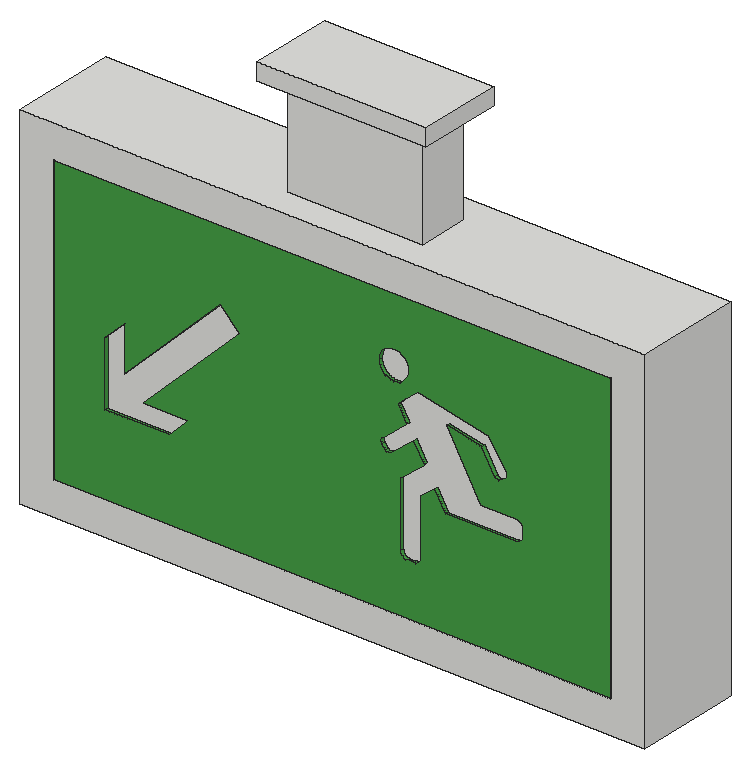
Revit family "T93063A Kubus65 LED 32m 2-s syrefast stål Alog_Tak", category Lighting Fixtures, Revit 2016
Family settings
  Part Type = Normal
  Round Connector Dimension = Use Diameter
  OmniClass Number = 23.80.70.11.21
  OmniClass Title = Emergency Lighting
  Work Plane-Based = No
  Always vertical = Yes
  Cut with Voids When Loaded = No
  Light Source = Yes
  Shared = No
  Room Calculation Point = No
Parameters (values of type "MarkeringsLys (45 Ned mot venstre)")
  Width 1 = 30 mm  # constant formula
  Width = 63.5 mm  # constant formula
  Wattage Comments = "17 W"
  Wattage = 9.2903 W
  built-in parameter 1150110 = 1 (stored number, unit not read)
  Voltage = 230 V
  URL = ""
  Type Comments = "-UN"
  built-in parameter 1114217 = 1 (stored number, unit not read)
  Tilt Angle = 90.00°
  built-in parameter 1150109 = 1 (stored number, unit not read)
  built-in parameter 1150134 = 3
  Symbol Positive Direction [instance] = yes
  Symbol Offset Side [instance] = 0 mm
  Symbol Offset Out [instance] = 0 mm
  built-in parameter 1150113 = 1 (stored number, unit not read)
  Reference Line Out [instance] = 50 mm
  Photometric Web File = "20x42A12.ies"
  Number of Poles = 1
  NS8360 = "4431_WT2"
  Markeringslys normal = no
  Markeringslys ikke normal = yes
  MarkeringsLys Venstre = no
  MarkeringsLys Opp = no
  MarkeringsLys Ned = no
  MarkeringsLys Høyre = no
  MarkeringsLys 45 Opp mot venstre = no
  MarkeringsLys 45 Opp mot høyre = no
  MarkeringsLys 45 Ned mot venstre = yes
  MarkeringsLys 45 Ned mot høyre = no
  MarkeringsLys = yes
  built-in parameter 1150105 = 109.82 (stored number, unit not read)
  Lumens = 1380 lm
  built-in parameter 1150115 = 1 (stored number, unit not read)
  Load Classification [instance] = Other
  Model = ""
  Manufacturer = "Honeywell"
  built-in parameter 1150137 = (empty or 0)
  built-in parameter 1150139 = (empty or 0)
  Length 3 = 80 mm  # constant formula
  Length 1 = Length - 40 mm  # 330 mm
  Length = 370 mm  # constant formula
  LedeLys = no
  built-in parameter 1150112 = 1 (stored number, unit not read)
  built-in parameter 1150114 = 1 (stored number, unit not read)
  Lamp = "1"
  Keynote = "WT2"
  built-in parameter 1150132 = (empty or 0)
  built-in parameter 1150102 = (empty or 0)
  built-in parameter 1150107 = 3200 (stored number, unit not read)
  built-in parameter 1150138 = (empty or 0)
  built-in parameter 1150106 = 1.0982 (stored number, unit not read)
  Height 2 = 70 mm  # constant formula
  Height 1 = Height - 39 mm  # 170 mm
  Height = 209 mm  # constant formula
  Emit from Rectangle Width = Height  # 209 mm
  Emit from Rectangle Length = Length  # 370 mm
  Emit Shape Visible in Rendering = no
  built-in parameter 1150104 = 13.8 (stored number, unit not read)
  Dimming Lamp Color Temperature Shift = <None>
  Description = ""
  Color Filter = 16777215
  Body Material and Colour = Steel
  built-in parameter 1114218 = 1 (stored number, unit not read)
  built-in parameter 1150133 = 10 (stored number, unit not read)
  Assembly Code = "4431"
  Apparent Load = 17 VA
Types (9, lengths in mm): name | NS8360 | Markeringslys normal | Markeringslys ikke normal | MarkeringsLys Venstre | MarkeringsLys Opp | MarkeringsLys Ned | MarkeringsLys Høyre | MarkeringsLys 45 Opp mot venstre | MarkeringsLys 45 Opp mot høyre | MarkeringsLys 45 Ned mot venstre | MarkeringsLys 45 Ned mot høyre | MarkeringsLys | LedeLys | Assembly Code
  LedeLys | "4432_WT2" | yes | no | no | no | no | no | no | no | no | no | no | yes | "4432"
  MarkeringsLys (Ned) | "4431_WT2" | yes | no | no | no | yes | no | no | no | no | no | yes | no | "4431"
  MarkeringsLys (Opp) | "4431_WT2" | yes | no | no | yes | no | no | no | no | no | no | yes | no | "4431"
  MarkeringsLys (45 Ned mot høyre) | "4431_WT2" | yes | no | no | no | no | no | no | no | no | yes | yes | no | "4431"
  MarkeringsLys (45 Ned mot venstre) | "4431_WT2" | no | yes | no | no | no | no | no | no | yes | no | yes | no | "4431"
  MarkeringsLys (45 Opp mot høyre) | "4431_WT2" | yes | no | no | no | no | no | no | yes | no | no | yes | no | "4431"
  MarkeringsLys (45 Opp mot venstre) | "4431_WT2" | no | yes | no | no | no | no | yes | no | no | no | yes | no | "4431"
  MarkeringsLys (Høyre) | "4431_WT2" | yes | no | no | no | no | yes | no | no | no | no | yes | no | "4431"
  MarkeringsLys (Venstre) | "4431_WT2" | no | yes | yes | no | no | no | no | no | no | no | yes | no | "4431"
Reference planes
  plane 1 "Light Source Axis (F/B)": y = 119.961
  plane 2 "Top": z = 83
  plane 3 "Light Source Axis (L/R)": x = 0
  plane 4 "Level": z = 0
  plane 5: x = -185
  plane 6: x = 185
  plane 7: x = -165
  plane 8: x = 165
  plane 9: z = -174.5
  plane 10: z = -70
  plane 11: z = -279
  plane 12: z = -89.5
  plane 13: z = -259.5
  plane 14: y = 151.711
  plane 15: y = 88.211
  plane 16: x = -40
  plane 17: x = 40
  plane 18: y = 134.961
  plane 19: y = 104.961
  plane 20: y = 90.211
  plane 21: y = 149.711
Forms (mm)
  Extrusion 1, solid, material "Steel" <- "Body Material and Colour"
    sketch origin (0, 119.961, -31.25) x (1, 0, 0) y (0, 0, 1)
      loop
        line (-185, -38.75) -> (-185, -247.75) -> (185, -247.75) -> (185, -38.75) -> (-185, -38.75)
      loop
        line (-165, -58.25) -> (-165, -228.25) -> (165, -228.25) -> (165, -58.25) -> (-165, -58.25)
    from -31.75 to 31.75
  Extrusion 2, solid, material "Steel" <- "Body Material and Colour"
    sketch origin (0, 0, 0) x (1, 0, 0) y (0, 1, 0)
      loop
        line (-40, 134.961) -> (-40, 104.961) -> (40, 104.961) -> (40, 134.961) -> (-40, 134.961)
    from 0 to -70
  Extrusion 3, solid, material "Steel" <- "Body Material and Colour"
    sketch origin (0, 0, 0) x (0, 1, 0) y (0, 0, 1)
      loop
        line (149.711, -70) -> (90.211, -70) -> (90.211, -279) -> (149.711, -279) -> (149.711, -70)
    from -185 to 185
  Extrusion 4, solid, material "Steel" <- "Body Material and Colour"
    sketch origin (0, 0, 0) x (1, 0, 0) y (0, 1, 0)
      loop
        line (-50, 144.961) -> (-50, 94.961) -> (50, 94.961) -> (50, 144.961) -> (-50, 144.961)
    from 0 to -10
Cuts and joins
  joined: Extrusion 1, Extrusion 2, Extrusion 3, Extrusion 4
Lines and regions (mm)
  model lines, style "InvisibleLines"
    curve 1: line (0, 119.961, 0) -> (0, 169.961, 0)
  symbolic lines, style "InvisibleLines"
    curve 2: line (0, 119.961, 0) -> (0, 119.961, 50)
Dimensions and locks
  equal spacing: plane 5, plane 3 "Light Source Axis (L/R)", plane 6
  "Length": plane 5 to plane 6
  equal spacing: plane 7, plane 3 "Light Source Axis (L/R)", plane 8
  "Length 1": plane 7 to plane 8
  "Reference Line Out": plane 1 "Light Source Axis (F/B)" to curve 1
  "Height 2": plane 4 "Level" to plane 10
  "Emit from Rectangle Width": plane 10 to plane 11
  equal spacing: plane 10, plane 9, plane 11
  equal spacing: plane 12, plane 9, plane 13
  "Height 1": plane 12 to plane 13
  equal spacing: plane 14, plane 1 "Light Source Axis (F/B)", plane 15
  "Width": plane 14 to plane 15
  equal spacing: plane 16, plane 3 "Light Source Axis (L/R)", plane 17
  "Length 3": plane 16 to plane 17
  equal spacing: plane 18, plane 1 "Light Source Axis (F/B)", plane 19
  "Width 1": plane 18 to plane 19
  locked: Extrusion 4 sketch curve to plane 16 at 10
  locked: plane 17 to Extrusion 4 sketch curve at 10
  locked: plane 19 to Extrusion 4 sketch curve at 10
  locked: plane 18 to Extrusion 4 sketch curve at 10
  aligned and locked: plane 4 "Level" to level
  aligned and locked: plane 3 "Light Source Axis (L/R)" to nested 2
  aligned and locked: plane 1 "Light Source Axis (F/B)" to nested 2
  aligned and locked: Extrusion 1 sketch curve to plane 6
  aligned and locked: plane 5 to Extrusion 1 sketch curve
  aligned and locked: Extrusion 1 sketch curve to plane 7
  aligned and locked: Extrusion 1 sketch curve to plane 8
  aligned and locked: plane 9 to imposter light
  aligned and locked: imposter light to plane 3 "Light Source Axis (L/R)"
  aligned and locked: plane 1 "Light Source Axis (F/B)" to curve 1
  aligned and locked: plane 3 "Light Source Axis (L/R)" to curve 1
  aligned and locked: Extrusion 2 to plane 10
  aligned and locked: Extrusion 1 to plane 11
  aligned and locked: plane 10 to Extrusion 1
  aligned and locked: nested 1 to plane 3 "Light Source Axis (L/R)"
  aligned and locked: Extrusion 1 to Extrusion 3 sketch curve
  aligned and locked: plane 3 "Light Source Axis (L/R)" to nested 4
  aligned and locked: nested 6 to plane 3 "Light Source Axis (L/R)"
  aligned and locked: nested 6 to plane 9
  aligned and locked: plane 3 "Light Source Axis (L/R)" to nested 5
  aligned and locked: plane 9 to nested 5
  aligned and locked: nested 8 to plane 3 "Light Source Axis (L/R)"
  aligned and locked: nested 8 to plane 9
  aligned and locked: plane 9 to nested 7
  aligned and locked: plane 3 "Light Source Axis (L/R)" to nested 7
  aligned and locked: nested 9 to plane 9
  aligned and locked: nested 9 to plane 3 "Light Source Axis (L/R)"
  aligned and locked: plane 9 to nested 4
  aligned and locked: plane 3 "Light Source Axis (L/R)" to nested 3
  aligned and locked: plane 9 to nested 3
  aligned and locked: plane 9 to nested 10
  aligned and locked: plane 3 "Light Source Axis (L/R)" to nested 10
  aligned and locked: nested 11 to plane 3 "Light Source Axis (L/R)"
  aligned and locked: nested 11 to plane 9
  aligned and locked: plane 9 to nested 12
  aligned and locked: nested 13 to plane 9
  aligned and locked: plane 3 "Light Source Axis (L/R)" to nested 12
  aligned and locked: nested 13 to plane 3 "Light Source Axis (L/R)"
  aligned and locked: nested 15 to plane 9
  aligned and locked: plane 9 to nested 14
  aligned and locked: plane 3 "Light Source Axis (L/R)" to nested 14
  aligned and locked: nested 15 to plane 3 "Light Source Axis (L/R)"
  aligned and locked: plane 3 "Light Source Axis (L/R)" to nested 16
  aligned and locked: nested 17 to plane 3 "Light Source Axis (L/R)"
  aligned and locked: nested 17 to plane 9
  aligned and locked: plane 9 to nested 16
  aligned and locked: plane 17 to Extrusion 2
  aligned and locked: Extrusion 2 to plane 16
  aligned and locked: plane 18 to Extrusion 2
  aligned and locked: Extrusion 2 to plane 19
  aligned and locked: plane 14 to cut or joined group of Extrusion 1, Extrusion 2, Extrusion 3, Extrusion 4
  aligned and locked: nested 16 to plane 15
  aligned and locked: nested 17 to plane 14
  aligned and locked: Extrusion 1 sketch curve to plane 12
  aligned and locked: Extrusion 1 sketch curve to plane 13
  aligned and locked: cut or joined group of Extrusion 1, Extrusion 2, Extrusion 3, Extrusion 4 to plane 15
  aligned and locked: cut or joined group of Extrusion 1, Extrusion 2, Extrusion 3, Extrusion 4 to plane 20
  aligned and locked: plane 21 to cut or joined group of Extrusion 1, Extrusion 2, Extrusion 3, Extrusion 4
  aligned and locked: imposter light to plane 14
  aligned and locked: nested 11 to plane 14
  aligned and locked: nested 10 to plane 15
  aligned and locked: nested 13 to plane 14
  aligned and locked: nested 12 to plane 15
  aligned and locked: nested 8 to plane 14
  aligned and locked: nested 5 to plane 15
  aligned and locked: nested 15 to plane 14
  aligned and locked: nested 14 to plane 15
  aligned and locked: nested 9 to plane 14
  aligned and locked: nested 7 to plane 15
  aligned and locked: nested 1 to plane 14
  aligned and locked: nested 3 to plane 15
  aligned and locked: nested 6 to plane 14
  aligned and locked: nested 4 to plane 15
  aligned and locked: plane 3 "Light Source Axis (L/R)" to curve 2
  aligned and locked: plane 4 "Level" to curve 2
  aligned and locked: imposter light to nested 18
  aligned and locked: plane 1 "Light Source Axis (F/B)" to nested 18
Automatic sketch dimensions
  Extrusion 1 sketch curve to plane 11 = 0 mm
  Extrusion 1 sketch curve to plane 10 = 0 mm
  Extrusion 2 sketch curve to plane 3 "Light Source Axis (L/R)" = 40 mm
  plane 3 "Light Source Axis (L/R)" to Extrusion 2 sketch curve = 40 mm
  Extrusion 2 sketch curve to plane 14 = 16.75 mm
  plane 15 to Extrusion 2 sketch curve = 16.75 mm
  Extrusion 3 sketch curve to plane 11 = 0 mm
  plane 1 "Light Source Axis (F/B)" to Extrusion 3 sketch curve = 29.75 mm
  Extrusion 3 sketch curve to plane 1 "Light Source Axis (F/B)" = 29.75 mm
  plane 2 "Top" to curve 2 = 33 mm
Nested families
  nested 1: "Formula 65_ned" at (0, 149.711, -174.5), type "Formula 65"
  nested 2: "LedelysS" at (0, 119.961, 0), visible <- "LedeLys", type "Type 1"
  nested 3: "Formula 65_ned" at (0, 90.211, -174.5), visible <- "MarkeringsLys Ned", type "Formula 65"
  nested 4: "Formula 65_opp" at (0, 90.211, -174.5), visible <- "MarkeringsLys Opp", type "Formula 65"
  nested 5: "Formula 65_skrått 45 grader ned mot venstre" at (0, 90.211, -174.5), type "Formula 65"
    with 45 ned mot venstre yes
  nested 6: "Formula 65_opp" at (0, 149.711, -174.5), type "Formula 65"
  nested 7: "Formula 65_skrått 45 grader opp mot venstre" at (0, 90.211, -174.5), type "Formula 65"
  nested 8: "Formula 65_skrått 45 grader ned mot venstre" at (0, 149.711, -174.5), type "Formula 65"
    with 45 ned mot venstre yes
  nested 9: "Formula 65_skrått 45 grader opp mot venstre" at (0, 149.711, -174.5), type "Formula 65"
  nested 10: "Formula 65_høyre" at (0, 90.211, -174.5), type "Formula 65"
  nested 11: "Formula 65_høyre" at (0, 149.711, -174.5), type "Formula 65"
  nested 12: "Formula 65_skrått 45 grader ned mot høyre" at (0, 90.211, -174.5), type "Formula 65"
  nested 13: "Formula 65_skrått 45 grader ned mot høyre" at (0, 149.711, -174.5), type "Formula 65"
  nested 14: "Formula 65_skrått 45 grader opp mot høyre" at (0, 90.211, -174.5), type "Formula 65"
  nested 15: "Formula 65_skrått 45 grader opp mot høyre" at (0, 149.711, -174.5), type "Formula 65"
  nested 16: "Formula 65_venstre" at (0, 90.211, -174.5), type "Formula 65"
    with Venstre no
  nested 17: "Formula 65_venstre" at (0, 149.711, -174.5), type "Formula 65"
    with Venstre no
  nested 18: "MarkeringslysDobbelS" at (0, 119.961, 0), visible <- "MarkeringsLys", type "Type 1"
    with Venstre ned 45 yes, Opp no, Normal no, Ikke normal yes
Connectors
  electrical at (0, 119.961, 0), driven by "Number of Poles", driven by "Load Classification", driven by "Voltage", driven by "Apparent Load"
    settings: index 1, voltage 230 V, apparent load 0 VA, apparent load phase1 17 VA, apparent load phase2 0 VA, apparent load phase3 0 VA, power factor 1, load classification "Other", number of poles 1, system type 31, power factor state 1, is connector primary yes, connector utility no, sub classification motor no, connector description ""
Definition of nested family "Formula 65_skrått 45 grader ned mot venstre"
  Parameters (values of type "Formula 65")
    L = 205 mm
    H = 135 mm
    45 ned mot venstre = no
  Reference planes
    plane 1 "Center (Front/Back)": y = 0
    plane 2: z = 0
    plane 3 "Center (Left/Right)": x = 0
    plane 4: y = -2
  Forms (mm)
    Extrusion 1, solid, visible <- "45 ned mot venstre"
      sketch origin (453.48, 0, -265.275) x (1, 0, 0) y (0, 0, 1)
        loop
          line (-288.48, 350.275) -> (-618.48, 350.275) -> (-618.48, 180.275) -> (-288.48, 180.275) -> (-288.48, 350.275)
        loop
          circle (-416.951, 312.164) r 8.743
        loop
          line (-409.79, 296.785) -> (-414.349, 292.225) -> (-409.237, 283.371) -> (-423.754, 271.19)
          arc (-423.754, 271.19) -> (-424.61, 269.546) -> (-424.052, 267.778) r 2.422
          line (-424.052, 267.778) -> (-421.977, 265.304)
          arc (-421.977, 265.304) -> (-420.333, 264.448) -> (-418.565, 265.006) r 2.422
          line (-418.565, 265.006) -> (-405.139, 276.272) -> (-398.991, 265.623) -> (-413.093, 253.79) -> (-413.093, 215.253)
          arc (-413.093, 215.253) -> (-411.911, 212.399) -> (-409.056, 211.217) r 4.036
          line (-409.056, 211.217) -> (-405.02, 211.217)
          arc (-405.02, 211.217) -> (-402.166, 212.399) -> (-400.984, 215.253) r 4.036
          line (-400.984, 215.253) -> (-400.984, 248.144) -> (-392.843, 254.975) -> (-386.394, 243.805) -> (-344.475, 243.805)
          arc (-344.475, 243.805) -> (-341.621, 244.987) -> (-340.439, 247.841) r 4.036
          line (-340.439, 247.841) -> (-340.439, 251.878)
          arc (-340.439, 251.878) -> (-341.621, 254.732) -> (-344.475, 255.914) r 4.036
          line (-344.475, 255.914) -> (-365.421, 255.914) -> (-385.749, 291.125) -> (-364.745, 287.035) -> (-357.179, 273.93)
          arc (-357.179, 273.93) -> (-355.647, 272.786) -> (-353.763, 273.11) r 2.422
          line (-353.763, 273.11) -> (-350.966, 274.927)
          arc (-350.966, 274.927) -> (-349.916, 276.454) -> (-350.254, 278.277) r 2.422
          line (-350.254, 278.277) -> (-360.781, 294.487) -> (-402.782, 302.665) -> (-409.79, 296.785)
        loop
          line (-588.076, 266.6) -> (-588.076, 228.328) -> (-549.805, 228.328) -> (-538.323, 239.81) -> (-565.113, 239.81) -> (-508.443, 296.48) -> (-519.924, 307.962) -> (-576.595, 251.291) -> (-576.595, 278.081) -> (-588.076, 266.6)
      from 0 to 2
  Dimensions and locks
    aligned and locked: level to plane 2
Definition of nested family "Formula 65_ned"
  Parameters (values of type "Formula 65")
    Ned = no
    L = 205 mm
    H = 135 mm
  Reference planes
    plane 1 "Center (Front/Back)": y = 0
    plane 2: z = 0
    plane 3 "Center (Left/Right)": x = 0
    plane 4: y = -2
  Forms (mm)
    Extrusion 1, solid, visible <- "Ned"
      sketch origin (453.48, 0, -265.275) x (1, 0, 0) y (0, 0, 1)
        loop
          line (-288.48, 350.275) -> (-618.48, 350.275) -> (-618.48, 180.275) -> (-288.48, 180.275) -> (-288.48, 350.275)
        loop
          line (-505.328, 240.087) -> (-505.328, 256.324) -> (-524.271, 237.38) -> (-524.271, 317.525) -> (-540.508, 317.525) -> (-540.508, 237.38) -> (-559.451, 256.324) -> (-559.451, 240.087) -> (-532.389, 213.025) -> (-505.328, 240.087)
        loop
          circle (-416.951, 312.164) r 8.743
        loop
          line (-409.79, 296.785) -> (-414.349, 292.225) -> (-409.237, 283.371) -> (-423.754, 271.19)
          arc (-423.754, 271.19) -> (-424.61, 269.546) -> (-424.052, 267.778) r 2.422
          line (-424.052, 267.778) -> (-421.977, 265.304)
          arc (-421.977, 265.304) -> (-420.333, 264.448) -> (-418.565, 265.006) r 2.422
          line (-418.565, 265.006) -> (-405.139, 276.272) -> (-398.991, 265.623) -> (-413.093, 253.79) -> (-413.093, 215.253)
          arc (-413.093, 215.253) -> (-411.911, 212.399) -> (-409.056, 211.217) r 4.036
          line (-409.056, 211.217) -> (-405.02, 211.217)
          arc (-405.02, 211.217) -> (-402.166, 212.399) -> (-400.984, 215.253) r 4.036
          line (-400.984, 215.253) -> (-400.984, 248.144) -> (-392.843, 254.975) -> (-386.394, 243.805) -> (-344.475, 243.805)
          arc (-344.475, 243.805) -> (-341.621, 244.987) -> (-340.439, 247.841) r 4.036
          line (-340.439, 247.841) -> (-340.439, 251.878)
          arc (-340.439, 251.878) -> (-341.621, 254.732) -> (-344.475, 255.914) r 4.036
          line (-344.475, 255.914) -> (-365.421, 255.914) -> (-385.749, 291.125) -> (-364.745, 287.035) -> (-357.179, 273.93)
          arc (-357.179, 273.93) -> (-355.647, 272.786) -> (-353.763, 273.11) r 2.422
          line (-353.763, 273.11) -> (-350.966, 274.927)
          arc (-350.966, 274.927) -> (-349.916, 276.454) -> (-350.254, 278.277) r 2.422
          line (-350.254, 278.277) -> (-360.781, 294.487) -> (-402.782, 302.665) -> (-409.79, 296.785)
      from 0 to 2
  Dimensions and locks
    aligned and locked: level to plane 2
Definition of nested family "LedelysS"
  Parameters
    CQ Symbol Positive Direction = yes
    CQ Symbol Negative Direction = not(CQ Symbol Positive Direction)  # no
    CQ Symbol Offset Side = 0 mm
    CQ Symbol Offset Out = 0 mm
  Reference planes
    plane 1: y = 0
    plane 2: x = 0
  Dimensions and locks
    "CQ Symbol Offset Out": plane 1 to nested 1
    "CQ Symbol Offset Out": plane 1 to nested 2
    "CQ Symbol Offset Side": plane 2 to nested 2
    "CQ Symbol Offset Side": nested 1 to plane 2
  Nested families
    nested 1: "LedelysSub" at (0, 0, 0), visible <- "CQ Symbol Negative Direction", type "Type 1"
    nested 2: "LedelysSub" at (0, 0, 0), visible <- "CQ Symbol Positive Direction", type "Type 1"
  Definition of nested family "LedelysSub"
    Reference planes
      plane 1: y = 0
      plane 2: x = 0
    Lines and regions (mm)
      detail lines
        curve 1: line (-4, -2, 0) -> (4, -2, 0)
        curve 2: line (4, -2, 0) -> (4, 2, 0)
        curve 3: line (4, 2, 0) -> (-4, 2, 0)
        curve 4: line (-4, 2, 0) -> (-4, -2, 0)
        curve 5: line (-3.097, -1.25, 0) -> (-0.597, 1.25, 0)
        curve 6: line (-3.097, 1.25, 0) -> (-0.597, -1.25, 0)
        curve 7: circle (-1.847, 0, 0) r 1.2 normal (0, 0, 1)
    Text (mm)
      text "LL" at (2.179, 1.025, 0)
Definition of nested family "Formula 65_opp"
  Parameters (values of type "Formula 65")
    Up = no
    L = 205 mm
    H = 135 mm
  Reference planes
    plane 1 "Center (Front/Back)": y = 0
    plane 2: z = 0
    plane 3 "Center (Left/Right)": x = 0
    plane 4: y = -2
  Forms (mm)
    Extrusion 1, solid, visible <- "Up"
      sketch origin (453.48, 0, -265.275) x (1, 0, 0) y (0, 0, 1)
        loop
          line (-288.48, 350.275) -> (-618.48, 350.275) -> (-618.48, 180.275) -> (-288.48, 180.275) -> (-288.48, 350.275)
        loop
          circle (-406.951, 312.164) r 8.743
        loop
          line (-399.79, 296.785) -> (-404.349, 292.225) -> (-399.237, 283.371) -> (-413.754, 271.19)
          arc (-413.754, 271.19) -> (-414.61, 269.546) -> (-414.052, 267.778) r 2.422
          line (-414.052, 267.778) -> (-411.977, 265.304)
          arc (-411.977, 265.304) -> (-410.333, 264.448) -> (-408.565, 265.006) r 2.422
          line (-408.565, 265.006) -> (-395.139, 276.272) -> (-388.991, 265.623) -> (-403.093, 253.79) -> (-403.093, 215.253)
          arc (-403.093, 215.253) -> (-401.911, 212.399) -> (-399.056, 211.217) r 4.036
          line (-399.056, 211.217) -> (-395.02, 211.217)
          arc (-395.02, 211.217) -> (-392.166, 212.399) -> (-390.984, 215.253) r 4.036
          line (-390.984, 215.253) -> (-390.984, 248.144) -> (-382.843, 254.975) -> (-376.394, 243.805) -> (-334.475, 243.805)
          arc (-334.475, 243.805) -> (-331.621, 244.987) -> (-330.439, 247.841) r 4.036
          line (-330.439, 247.841) -> (-330.439, 251.878)
          arc (-330.439, 251.878) -> (-331.621, 254.732) -> (-334.475, 255.914) r 4.036
          line (-334.475, 255.914) -> (-355.421, 255.914) -> (-375.749, 291.125) -> (-354.745, 287.035) -> (-347.179, 273.93)
          arc (-347.179, 273.93) -> (-345.647, 272.786) -> (-343.763, 273.11) r 2.422
          line (-343.763, 273.11) -> (-340.966, 274.927)
          arc (-340.966, 274.927) -> (-339.916, 276.454) -> (-340.254, 278.277) r 2.422
          line (-340.254, 278.277) -> (-350.781, 294.487) -> (-392.782, 302.665) -> (-399.79, 296.785)
        loop
          line (-505.328, 290.463) -> (-532.389, 317.525) -> (-559.451, 290.463) -> (-559.451, 274.226) -> (-540.508, 293.169) -> (-540.508, 213.025) -> (-524.271, 213.025) -> (-524.271, 293.169) -> (-505.328, 274.226) -> (-505.328, 290.463)
      from 0 to 2
  Dimensions and locks
    aligned and locked: level to plane 2
Definition of nested family "Formula 65_skrått 45 grader opp mot venstre"
  Parameters (values of type "Formula 65")
    L = 205 mm
    H = 135 mm
    45 opp mot venstre = no
  Reference planes
    plane 1 "Center (Front/Back)": y = 0
    plane 2: z = 0
    plane 3 "Center (Left/Right)": x = 0
    plane 4: y = -2
  Forms (mm)
    Extrusion 1, solid, visible <- "45 opp mot venstre"
      sketch origin (453.48, 0, -265.275) x (1, 0, 0) y (0, 0, 1)
        loop
          line (-288.48, 350.275) -> (-618.48, 350.275) -> (-618.48, 180.275) -> (-288.48, 180.275) -> (-288.48, 350.275)
        loop
          circle (-420.272, 307.901) r 7.948
        loop
          line (-413.762, 293.92) -> (-417.907, 289.775) -> (-413.259, 281.726) -> (-426.456, 270.652)
          arc (-426.456, 270.652) -> (-427.234, 269.157) -> (-426.728, 267.55) r 2.202
          line (-426.728, 267.55) -> (-424.841, 265.302)
          arc (-424.841, 265.302) -> (-423.346, 264.524) -> (-421.739, 265.03) r 2.202
          line (-421.739, 265.03) -> (-409.533, 275.272) -> (-403.944, 265.592) -> (-416.764, 254.834) -> (-416.764, 219.801)
          arc (-416.764, 219.801) -> (-415.69, 217.206) -> (-413.095, 216.131) r 3.669
          line (-413.095, 216.131) -> (-409.425, 216.131)
          arc (-409.425, 216.131) -> (-406.831, 217.206) -> (-405.756, 219.801) r 3.669
          line (-405.756, 219.801) -> (-405.756, 249.701) -> (-398.355, 255.911) -> (-392.493, 245.757) -> (-354.384, 245.757)
          arc (-354.384, 245.757) -> (-351.79, 246.832) -> (-350.715, 249.426) r 3.669
          line (-350.715, 249.426) -> (-350.715, 253.096)
          arc (-350.715, 253.096) -> (-351.79, 255.69) -> (-354.384, 256.765) r 3.669
          line (-354.384, 256.765) -> (-373.426, 256.765) -> (-391.907, 288.775) -> (-372.812, 285.056) -> (-365.934, 273.144)
          arc (-365.934, 273.144) -> (-364.541, 272.104) -> (-362.828, 272.398) r 2.202
          line (-362.828, 272.398) -> (-360.285, 274.049)
          arc (-360.285, 274.049) -> (-359.331, 275.438) -> (-359.638, 277.095) r 2.202
          line (-359.638, 277.095) -> (-369.208, 291.831) -> (-407.391, 299.266) -> (-413.762, 293.92)
        loop
          line (-575.84, 264.07) -> (-565.402, 253.633) -> (-565.402, 277.987) -> (-513.883, 226.468) -> (-503.446, 236.906) -> (-554.965, 288.425) -> (-530.61, 288.425) -> (-541.048, 298.862) -> (-575.84, 298.862) -> (-575.84, 264.07)
      from 0 to 2
  Dimensions and locks
    aligned and locked: level to plane 2
Definition of nested family "Formula 65_høyre"
  Parameters (values of type "Formula 65")
    L = 205 mm
    Høyre = no
    H = 135 mm
  Reference planes
    plane 1 "Center (Front/Back)": y = 0
    plane 2: z = 0
    plane 3 "Center (Left/Right)": x = 0
    plane 4: y = -2
  Forms (mm)
    Extrusion 1, solid, visible <- "Høyre"
      sketch origin (453.48, 0, -265.275) x (1, 0, 0) y (0, 0, 1)
        loop
          line (-288.48, 350.275) -> (-618.48, 350.275) -> (-618.48, 180.275) -> (-288.48, 180.275) -> (-288.48, 350.275)
        loop
          circle (-490.008, 312.164) r 8.743
        loop
          line (-497.169, 296.785) -> (-504.177, 302.665) -> (-546.178, 294.487) -> (-556.705, 278.277)
          arc (-556.705, 278.277) -> (-557.043, 276.454) -> (-555.993, 274.927) r 2.422
          line (-555.993, 274.927) -> (-553.196, 273.11)
          arc (-553.196, 273.11) -> (-551.312, 272.786) -> (-549.78, 273.93) r 2.422
          line (-549.78, 273.93) -> (-542.214, 287.035) -> (-521.21, 291.125) -> (-541.539, 255.914) -> (-562.484, 255.914)
          arc (-562.484, 255.914) -> (-565.338, 254.732) -> (-566.52, 251.878) r 4.036
          line (-566.52, 251.878) -> (-566.52, 247.841)
          arc (-566.52, 247.841) -> (-565.338, 244.987) -> (-562.484, 243.805) r 4.036
          line (-562.484, 243.805) -> (-520.565, 243.805) -> (-514.116, 254.975) -> (-505.975, 248.144) -> (-505.975, 215.253)
          arc (-505.975, 215.253) -> (-504.793, 212.399) -> (-501.939, 211.217) r 4.036
          line (-501.939, 211.217) -> (-497.903, 211.217)
          arc (-497.903, 211.217) -> (-495.049, 212.399) -> (-493.866, 215.253) r 4.036
          line (-493.866, 215.253) -> (-493.866, 253.79) -> (-507.968, 265.623) -> (-501.82, 276.272) -> (-488.394, 265.006)
          arc (-488.394, 265.006) -> (-486.627, 264.448) -> (-484.982, 265.304) r 2.422
          line (-484.982, 265.304) -> (-482.907, 267.778)
          arc (-482.907, 267.778) -> (-482.349, 269.546) -> (-483.205, 271.19) r 2.422
          line (-483.205, 271.19) -> (-497.722, 283.371) -> (-492.61, 292.225) -> (-497.169, 296.785)
        loop
          line (-343.016, 292.337) -> (-359.253, 292.337) -> (-340.31, 273.393) -> (-420.455, 273.393) -> (-420.455, 257.156) -> (-340.31, 257.156) -> (-359.253, 238.213) -> (-343.016, 238.213) -> (-315.955, 265.275) -> (-343.016, 292.337)
      from 0 to 2
  Dimensions and locks
    aligned and locked: level to plane 2
Definition of nested family "Formula 65_skrått 45 grader ned mot høyre"
  Parameters (values of type "Formula 65")
    L = 205 mm
    H = 135 mm
    45 ned mot høyre = no
  Reference planes
    plane 1 "Center (Front/Back)": y = 0
    plane 2: z = 0
    plane 3 "Center (Left/Right)": x = 0
    plane 4: y = -2
  Forms (mm)
    Extrusion 1, solid, visible <- "45 ned mot høyre"
      sketch origin (453.48, 0, -265.275) x (1, 0, 0) y (0, 0, 1)
        loop
          line (-288.48, 350.275) -> (-618.48, 350.275) -> (-618.48, 180.275) -> (-288.48, 180.275) -> (-288.48, 350.275)
        loop
          circle (-490.008, 312.164) r 8.743
        loop
          line (-497.169, 296.785) -> (-504.177, 302.665) -> (-546.178, 294.487) -> (-556.705, 278.277)
          arc (-556.705, 278.277) -> (-557.043, 276.454) -> (-555.993, 274.927) r 2.422
          line (-555.993, 274.927) -> (-553.196, 273.11)
          arc (-553.196, 273.11) -> (-551.312, 272.786) -> (-549.78, 273.93) r 2.422
          line (-549.78, 273.93) -> (-542.214, 287.035) -> (-521.21, 291.125) -> (-541.539, 255.914) -> (-562.484, 255.914)
          arc (-562.484, 255.914) -> (-565.338, 254.732) -> (-566.52, 251.878) r 4.036
          line (-566.52, 251.878) -> (-566.52, 247.841)
          arc (-566.52, 247.841) -> (-565.338, 244.987) -> (-562.484, 243.805) r 4.036
          line (-562.484, 243.805) -> (-520.565, 243.805) -> (-514.116, 254.975) -> (-505.975, 248.144) -> (-505.975, 215.253)
          arc (-505.975, 215.253) -> (-504.793, 212.399) -> (-501.939, 211.217) r 4.036
          line (-501.939, 211.217) -> (-497.903, 211.217)
          arc (-497.903, 211.217) -> (-495.049, 212.399) -> (-493.866, 215.253) r 4.036
          line (-493.866, 215.253) -> (-493.866, 253.79) -> (-507.968, 265.623) -> (-501.82, 276.272) -> (-488.394, 265.006)
          arc (-488.394, 265.006) -> (-486.627, 264.448) -> (-484.982, 265.304) r 2.422
          line (-484.982, 265.304) -> (-482.907, 267.778)
          arc (-482.907, 267.778) -> (-482.349, 269.546) -> (-483.205, 271.19) r 2.422
          line (-483.205, 271.19) -> (-497.722, 283.371) -> (-492.61, 292.225) -> (-497.169, 296.785)
        loop
          line (-324.383, 266.6) -> (-335.865, 278.081) -> (-335.865, 251.291) -> (-392.535, 307.962) -> (-404.017, 296.48) -> (-347.346, 239.81) -> (-374.136, 239.81) -> (-362.654, 228.328) -> (-324.383, 228.328) -> (-324.383, 266.6)
      from 0 to 2
  Dimensions and locks
    aligned and locked: level to plane 2
Definition of nested family "Formula 65_skrått 45 grader opp mot høyre"
  Parameters (values of type "Formula 65")
    L = 205 mm
    H = 135 mm
    45 grader opp mot høyre = no
  Reference planes
    plane 1 "Center (Front/Back)": y = 0
    plane 2: z = 0
    plane 3 "Center (Left/Right)": x = 0
    plane 4: y = -2
  Forms (mm)
    Extrusion 1, solid, visible <- "45 grader opp mot høyre"
      sketch origin (453.48, 0, -265.275) x (1, 0, 0) y (0, 0, 1)
        loop
          line (-288.48, 350.275) -> (-618.48, 350.275) -> (-618.48, 180.275) -> (-288.48, 180.275) -> (-288.48, 350.275)
        loop
          circle (-505.008, 312.164) r 8.743
        loop
          line (-512.169, 296.785) -> (-519.177, 302.665) -> (-561.178, 294.487) -> (-571.705, 278.277)
          arc (-571.705, 278.277) -> (-572.043, 276.454) -> (-570.993, 274.927) r 2.422
          line (-570.993, 274.927) -> (-568.196, 273.11)
          arc (-568.196, 273.11) -> (-566.312, 272.786) -> (-564.78, 273.93) r 2.422
          line (-564.78, 273.93) -> (-557.214, 287.035) -> (-536.21, 291.125) -> (-556.539, 255.914) -> (-577.484, 255.914)
          arc (-577.484, 255.914) -> (-580.338, 254.732) -> (-581.52, 251.878) r 4.036
          line (-581.52, 251.878) -> (-581.52, 247.841)
          arc (-581.52, 247.841) -> (-580.338, 244.987) -> (-577.484, 243.805) r 4.036
          line (-577.484, 243.805) -> (-535.565, 243.805) -> (-529.116, 254.975) -> (-520.975, 248.144) -> (-520.975, 215.253)
          arc (-520.975, 215.253) -> (-519.793, 212.399) -> (-516.939, 211.217) r 4.036
          line (-516.939, 211.217) -> (-512.903, 211.217)
          arc (-512.903, 211.217) -> (-510.049, 212.399) -> (-508.866, 215.253) r 4.036
          line (-508.866, 215.253) -> (-508.866, 253.79) -> (-522.968, 265.623) -> (-516.82, 276.272) -> (-503.394, 265.006)
          arc (-503.394, 265.006) -> (-501.627, 264.448) -> (-499.982, 265.304) r 2.422
          line (-499.982, 265.304) -> (-497.907, 267.778)
          arc (-497.907, 267.778) -> (-497.349, 269.546) -> (-498.205, 271.19) r 2.422
          line (-498.205, 271.19) -> (-512.722, 283.371) -> (-507.61, 292.225) -> (-512.169, 296.785)
        loop
          line (-324.383, 263.95) -> (-324.383, 302.221) -> (-362.654, 302.221) -> (-374.136, 290.74) -> (-347.346, 290.74) -> (-404.017, 234.069) -> (-392.535, 222.588) -> (-335.865, 279.258) -> (-335.865, 252.469) -> (-324.383, 263.95)
      from 0 to 2
  Dimensions and locks
    aligned and locked: level to plane 2
Definition of nested family "Formula 65_venstre"
  Parameters (values of type "Formula 65")
    Venstre = yes
    L = 205 mm
    H = 135 mm
  Reference planes
    plane 1 "Center (Front/Back)": y = 0
    plane 2: z = 0
    plane 3 "Center (Left/Right)": x = 0
    plane 4: y = -2
  Forms (mm)
    Extrusion 1, solid, visible <- "Venstre"
      sketch origin (453.48, 0, -265.275) x (1, 0, 0) y (0, 0, 1)
        loop
          line (-288.48, 350.275) -> (-618.48, 350.275) -> (-618.48, 180.275) -> (-288.48, 180.275) -> (-288.48, 350.275)
        loop
          circle (-401.951, 312.164) r 8.743
        loop
          line (-394.79, 296.785) -> (-399.349, 292.225) -> (-394.237, 283.371) -> (-408.754, 271.19)
          arc (-408.754, 271.19) -> (-409.61, 269.546) -> (-409.052, 267.778) r 2.422
          line (-409.052, 267.778) -> (-406.977, 265.304)
          arc (-406.977, 265.304) -> (-405.333, 264.448) -> (-403.565, 265.006) r 2.422
          line (-403.565, 265.006) -> (-390.139, 276.272) -> (-383.991, 265.623) -> (-398.093, 253.79) -> (-398.093, 215.253)
          arc (-398.093, 215.253) -> (-396.911, 212.399) -> (-394.056, 211.217) r 4.036
          line (-394.056, 211.217) -> (-390.02, 211.217)
          arc (-390.02, 211.217) -> (-387.166, 212.399) -> (-385.984, 215.253) r 4.036
          line (-385.984, 215.253) -> (-385.984, 248.144) -> (-377.843, 254.975) -> (-371.394, 243.805) -> (-329.475, 243.805)
          arc (-329.475, 243.805) -> (-326.621, 244.987) -> (-325.439, 247.841) r 4.036
          line (-325.439, 247.841) -> (-325.439, 251.878)
          arc (-325.439, 251.878) -> (-326.621, 254.732) -> (-329.475, 255.914) r 4.036
          line (-329.475, 255.914) -> (-350.421, 255.914) -> (-370.749, 291.125) -> (-349.745, 287.035) -> (-342.179, 273.93)
          arc (-342.179, 273.93) -> (-340.647, 272.786) -> (-338.763, 273.11) r 2.422
          line (-338.763, 273.11) -> (-335.966, 274.927)
          arc (-335.966, 274.927) -> (-334.916, 276.454) -> (-335.254, 278.277) r 2.422
          line (-335.254, 278.277) -> (-345.781, 294.487) -> (-387.782, 302.665) -> (-394.79, 296.785)
        loop
          line (-563.943, 292.337) -> (-591.005, 265.275) -> (-563.943, 238.213) -> (-547.706, 238.213) -> (-566.649, 257.156) -> (-486.505, 257.156) -> (-486.505, 273.393) -> (-566.649, 273.393) -> (-547.706, 292.337) -> (-563.943, 292.337)
      from 0 to 2
  Dimensions and locks
    aligned and locked: level to plane 2
Definition of nested family "MarkeringslysDobbelS"
  Parameters (values of type "Type 1")
    Venstre opp 45 = no
    Venstre ned 45 = no
    Venstre = no
    Opp = yes
    Normal = yes
    Ned = no
    Ikke normal = no
    Høyre opp 45 = no
    Høyre ned 45 = no
    Høyre = no
    CQ Symbol Positive Direction = yes
    CQ Symbol Negative Direction = not(CQ Symbol Positive Direction)  # no
    CQ Symbol Offset Side = 0 mm
    CQ Symbol Offset Out = 0 mm
  Reference planes
    plane 1: y = 0
    plane 2: x = 0
  Dimensions and locks
    "CQ Symbol Offset Out": plane 1 to nested 1
    "CQ Symbol Offset Out": plane 1 to nested 2
    "CQ Symbol Offset Side": plane 2 to nested 2
    "CQ Symbol Offset Side": nested 1 to plane 2
  Nested families
    nested 1: "Markeringslys dobbel" at (0, 0, 0), visible <- "CQ Symbol Negative Direction", type "Type 1"
    nested 2: "Markeringslys dobbel" at (0, 0, 0), visible <- "CQ Symbol Positive Direction", type "Type 1"
  Definition of nested family "Markeringslys dobbel"
    Parameters (values of type "Type 1")
      Venstre opp 45 = no
      Venstre ned 45 = no
      Venstre = no
      Opp = yes
      Normal = yes
      Ned = no
      Ikke normal = no
      Høyre opp 45 = no
      Høyre ned 45 = no
      Høyre = no
    Reference planes
      plane 1: y = 0
      plane 2: x = 0
    Lines and regions (mm)
      detail lines
        curve 1: line (4, -4, 0) -> (-4, -4, 0)
        curve 2: line (-4, -4, 0) -> (-4, 0, 0)
        curve 3: line (-4, 0, 0) -> (4, 0, 0)
        curve 4: line (4, 0, 0) -> (4, -4, 0)
        curve 45: line (-4, 4, 0) -> (4, 4, 0)
        curve 46: line (4, 4, 0) -> (4, 0, 0)
        curve 47: line (4, 0, 0) -> (-4, 0, 0)
        curve 48: line (-4, 0, 0) -> (-4, 4, 0)
        curve 58: circle (1.212, 0.614, 0) r 0.3 normal (0, 0, -1)
      detail lines, visible <- "Ned"
        curve 5: line (2.346, -0.5, 0) -> (1.646, -0.5, 0)
        curve 6: line (2.346, -0.5, 0) -> (2.346, -2.584, 0)
        curve 7: line (1.646, -0.5, 0) -> (1.646, -2.584, 0)
        curve 8: line (1.996, -3.5, 0) -> (2.996, -2.5, 0)
        curve 9: line (2.996, -2.5, 0) -> (2.996, -1.934, 0)
        curve 10: line (2.996, -1.934, 0) -> (2.346, -2.584, 0)
        curve 11: line (1.996, -3.5, 0) -> (0.996, -2.5, 0)
        curve 12: line (0.996, -2.5, 0) -> (0.996, -1.934, 0)
        curve 13: line (0.996, -1.934, 0) -> (1.646, -2.584, 0)
        curve 49: line (-2.346, 0.5, 0) -> (-1.646, 0.5, 0)
        curve 50: line (-2.346, 0.5, 0) -> (-2.346, 2.584, 0)
        curve 51: line (-1.646, 0.5, 0) -> (-1.646, 2.584, 0)
        curve 52: line (-1.996, 3.5, 0) -> (-2.996, 2.5, 0)
        curve 53: line (-2.996, 2.5, 0) -> (-2.996, 1.934, 0)
        curve 54: line (-2.996, 1.934, 0) -> (-2.346, 2.584, 0)
        curve 55: line (-1.996, 3.5, 0) -> (-0.996, 2.5, 0)
        curve 56: line (-0.996, 2.5, 0) -> (-0.996, 1.934, 0)
        curve 57: line (-0.996, 1.934, 0) -> (-1.646, 2.584, 0)
      detail lines, visible <- "Normal"
        curve 14: circle (-1.212, -0.614, 0) r 0.3 normal (0, 0, -1)
        curve 15: line (-0.986, -3.7, 0) -> (-1.395, -3.7, 0)
        curve 16: line (-0.986, -3.7, 0) -> (-1.823, -2.308, 0)
        curve 17: line (-1.823, -2.308, 0) -> (-1.461, -1.495, 0)
        curve 18: line (-1.069, -2.147, 0) -> (-1.461, -1.495, 0)
        curve 19: line (-1.069, -2.147, 0) -> (-0.487, -2.147, 0)
        curve 20: line (-0.487, -2.147, 0) -> (-0.487, -1.847, 0)
        curve 21: line (-0.487, -1.847, 0) -> (-0.899, -1.847, 0)
        curve 22: line (-0.899, -1.847, 0) -> (-1.307, -1.169, 0)
        curve 23: line (-1.395, -3.7, 0) -> (-2.104, -2.518, 0)
        curve 24: line (-1.307, -1.169, 0) -> (-1.753, -0.97, 0)
        curve 25: line (-1.753, -0.97, 0) -> (-2.625, -0.97, 0)
        curve 26: line (-2.625, -0.97, 0) -> (-2.99, -1.627, 0)
        curve 27: line (-2.99, -1.627, 0) -> (-2.769, -1.848, 0)
        curve 28: line (-2.769, -1.848, 0) -> (-2.457, -1.285, 0)
        curve 29: line (-2.104, -2.518, 0) -> (-2.259, -3.229, 0)
        curve 30: line (-2.259, -3.229, 0) -> (-3.557, -3.229, 0)
        curve 31: line (-3.557, -3.229, 0) -> (-3.457, -2.879, 0)
        curve 32: line (-3.457, -2.879, 0) -> (-2.541, -2.879, 0)
        curve 33: line (-2.541, -2.879, 0) -> (-2.4, -2.23, 0)
        curve 34: line (-2.4, -2.23, 0) -> (-2.021, -1.38, 0)
        curve 35: line (-2.021, -1.38, 0) -> (-2.457, -1.285, 0)
        curve 59: line (0.986, 3.7, 0) -> (1.395, 3.7, 0)
        curve 60: line (0.986, 3.7, 0) -> (1.823, 2.308, 0)
        curve 61: line (1.823, 2.308, 0) -> (1.461, 1.495, 0)
        curve 62: line (1.069, 2.147, 0) -> (1.461, 1.495, 0)
        curve 63: line (1.069, 2.147, 0) -> (0.487, 2.147, 0)
        curve 64: line (0.487, 2.147, 0) -> (0.487, 1.847, 0)
        curve 65: line (0.487, 1.847, 0) -> (0.899, 1.847, 0)
        curve 66: line (0.899, 1.847, 0) -> (1.307, 1.169, 0)
        curve 67: line (1.395, 3.7, 0) -> (2.104, 2.518, 0)
        curve 68: line (1.307, 1.169, 0) -> (1.753, 0.97, 0)
        curve 69: line (1.753, 0.97, 0) -> (2.625, 0.97, 0)
        curve 70: line (2.625, 0.97, 0) -> (2.99, 1.627, 0)
        curve 71: line (2.99, 1.627, 0) -> (2.769, 1.848, 0)
        curve 72: line (2.769, 1.848, 0) -> (2.457, 1.285, 0)
        curve 73: line (2.104, 2.518, 0) -> (2.259, 3.229, 0)
        curve 74: line (2.259, 3.229, 0) -> (3.557, 3.229, 0)
        curve 75: line (3.557, 3.229, 0) -> (3.457, 2.879, 0)
        curve 76: line (3.457, 2.879, 0) -> (2.541, 2.879, 0)
        curve 77: line (2.541, 2.879, 0) -> (2.4, 2.23, 0)
        curve 78: line (2.4, 2.23, 0) -> (2.021, 1.38, 0)
        curve 79: line (2.021, 1.38, 0) -> (2.457, 1.285, 0)
      detail lines, visible <- "Opp"
        curve 36: line (1.646, -3.5, 0) -> (2.346, -3.5, 0)
        curve 37: line (1.646, -3.5, 0) -> (1.646, -1.416, 0)
        curve 38: line (2.346, -3.5, 0) -> (2.346, -1.416, 0)
        curve 39: line (1.996, -0.5, 0) -> (0.996, -1.5, 0)
        curve 40: line (0.996, -1.5, 0) -> (0.996, -2.066, 0)
        curve 41: line (0.996, -2.066, 0) -> (1.646, -1.416, 0)
        curve 42: line (1.996, -0.5, 0) -> (2.996, -1.5, 0)
        curve 43: line (2.996, -1.5, 0) -> (2.996, -2.066, 0)
        curve 44: line (2.996, -2.066, 0) -> (2.346, -1.416, 0)
        curve 80: line (-1.646, 3.5, 0) -> (-2.346, 3.5, 0)
        curve 81: line (-1.646, 3.5, 0) -> (-1.646, 1.416, 0)
        curve 82: line (-2.346, 3.5, 0) -> (-2.346, 1.416, 0)
        curve 83: line (-1.996, 0.5, 0) -> (-0.996, 1.5, 0)
        curve 84: line (-0.996, 1.5, 0) -> (-0.996, 2.066, 0)
        curve 85: line (-0.996, 2.066, 0) -> (-1.646, 1.416, 0)
        curve 86: line (-1.996, 0.5, 0) -> (-2.996, 1.5, 0)
        curve 87: line (-2.996, 1.5, 0) -> (-2.996, 2.066, 0)
        curve 88: line (-2.996, 2.066, 0) -> (-2.346, 1.416, 0)
      detail lines, visible <- "Høyre"
        curve 89: line (0.496, -1.65, 0) -> (0.496, -2.35, 0)
        curve 90: line (0.496, -1.65, 0) -> (2.58, -1.65, 0)
        curve 91: line (0.496, -2.35, 0) -> (2.58, -2.35, 0)
        curve 92: line (3.496, -2, 0) -> (2.496, -1, 0)
        curve 93: line (2.496, -1, 0) -> (1.93, -1, 0)
        curve 94: line (1.93, -1, 0) -> (2.58, -1.65, 0)
        curve 95: line (3.496, -2, 0) -> (2.496, -3, 0)
        curve 96: line (2.496, -3, 0) -> (1.93, -3, 0)
        curve 97: line (1.93, -3, 0) -> (2.58, -2.35, 0)
        curve 100: line (-0.496, 1.65, 0) -> (-0.496, 2.35, 0)
        curve 101: line (-0.496, 1.65, 0) -> (-2.58, 1.65, 0)
        curve 102: line (-0.496, 2.35, 0) -> (-2.58, 2.35, 0)
        curve 103: line (-3.496, 2, 0) -> (-2.466, 0.97, 0)
        curve 104: line (-2.496, 1, 0) -> (-1.93, 1, 0)
        curve 105: line (-1.93, 1, 0) -> (-2.58, 1.65, 0)
        curve 106: line (-3.496, 2, 0) -> (-2.496, 3, 0)
        curve 107: line (-2.496, 3, 0) -> (-1.93, 3, 0)
        curve 108: line (-1.93, 3, 0) -> (-2.58, 2.35, 0)
      detail lines, visible <- "Venstre"
        curve 98: line (-1.496, 1, 0) -> (-2.062, 1, 0)
        curve 99: line (-2.062, 1, 0) -> (-1.412, 1.65, 0)
        curve 131: line (-0.409, -1.65, 0) -> (-0.409, -2.35, 0)
        curve 132: line (-0.409, -1.65, 0) -> (-2.493, -1.65, 0)
        curve 133: line (-0.409, -2.35, 0) -> (-2.493, -2.35, 0)
        curve 134: line (-3.409, -2, 0) -> (-2.409, -1, 0)
        curve 135: line (-2.409, -1, 0) -> (-1.843, -1, 0)
        curve 136: line (-1.843, -1, 0) -> (-2.493, -1.65, 0)
        curve 137: line (-3.409, -2, 0) -> (-2.409, -3, 0)
        curve 138: line (-2.409, -3, 0) -> (-1.843, -3, 0)
        curve 139: line (-1.843, -3, 0) -> (-2.493, -2.35, 0)
        curve 162: line (0.409, 1.65, 0) -> (0.409, 2.35, 0)
        curve 163: line (0.409, 1.65, 0) -> (2.493, 1.65, 0)
        curve 164: line (0.409, 2.35, 0) -> (2.493, 2.35, 0)
        curve 165: line (3.409, 2, 0) -> (2.409, 1, 0)
        curve 166: line (2.409, 1, 0) -> (1.843, 1, 0)
        curve 167: line (1.843, 1, 0) -> (2.493, 1.65, 0)
        curve 168: line (3.409, 2, 0) -> (2.409, 3, 0)
        curve 169: line (2.409, 3, 0) -> (1.843, 3, 0)
        curve 170: line (1.843, 3, 0) -> (2.493, 2.35, 0)
      detail lines, visible <- "Ikke normal"
        curve 109: circle (1.299, -0.614, 0) r 0.3 normal (0, 0, 1)
        curve 110: line (1.073, -3.7, 0) -> (1.482, -3.7, 0)
        curve 111: line (1.073, -3.7, 0) -> (1.91, -2.308, 0)
        curve 112: line (1.91, -2.308, 0) -> (1.548, -1.495, 0)
        curve 113: line (1.156, -2.147, 0) -> (1.548, -1.495, 0)
        curve 114: line (1.156, -2.147, 0) -> (0.574, -2.147, 0)
        curve 115: line (0.574, -2.147, 0) -> (0.574, -1.847, 0)
        curve 116: line (0.574, -1.847, 0) -> (0.986, -1.847, 0)
        curve 117: line (0.986, -1.847, 0) -> (1.394, -1.169, 0)
        curve 118: line (1.482, -3.7, 0) -> (2.192, -2.518, 0)
        curve 119: line (1.394, -1.169, 0) -> (1.84, -0.97, 0)
        curve 120: line (1.84, -0.97, 0) -> (2.713, -0.97, 0)
        curve 121: line (2.713, -0.97, 0) -> (3.077, -1.627, 0)
        curve 122: line (3.077, -1.627, 0) -> (2.856, -1.848, 0)
        curve 123: line (2.856, -1.848, 0) -> (2.544, -1.285, 0)
        curve 124: line (2.192, -2.518, 0) -> (2.346, -3.229, 0)
        curve 125: line (2.346, -3.229, 0) -> (3.644, -3.229, 0)
        curve 126: line (3.644, -3.229, 0) -> (3.544, -2.879, 0)
        curve 127: line (3.544, -2.879, 0) -> (2.628, -2.879, 0)
        curve 128: line (2.628, -2.879, 0) -> (2.487, -2.23, 0)
        curve 129: line (2.487, -2.23, 0) -> (2.108, -1.38, 0)
        curve 130: line (2.108, -1.38, 0) -> (2.544, -1.285, 0)
        curve 140: circle (-1.299, 0.614, 0) r 0.3 normal (0, 0, 1)
        curve 141: line (-1.073, 3.7, 0) -> (-1.482, 3.7, 0)
        curve 142: line (-1.073, 3.7, 0) -> (-1.91, 2.308, 0)
        curve 143: line (-1.91, 2.308, 0) -> (-1.548, 1.495, 0)
        curve 144: line (-1.156, 2.147, 0) -> (-1.548, 1.495, 0)
        curve 145: line (-1.156, 2.147, 0) -> (-0.574, 2.147, 0)
        curve 146: line (-0.574, 2.147, 0) -> (-0.574, 1.847, 0)
        curve 147: line (-0.574, 1.847, 0) -> (-0.986, 1.847, 0)
        curve 148: line (-0.986, 1.847, 0) -> (-1.394, 1.169, 0)
        curve 149: line (-1.482, 3.7, 0) -> (-2.192, 2.518, 0)
        curve 150: line (-1.394, 1.169, 0) -> (-1.84, 0.97, 0)
        curve 151: line (-1.84, 0.97, 0) -> (-2.713, 0.97, 0)
        curve 152: line (-2.713, 0.97, 0) -> (-3.077, 1.627, 0)
        curve 153: line (-3.077, 1.627, 0) -> (-2.856, 1.848, 0)
        curve 154: line (-2.856, 1.848, 0) -> (-2.544, 1.285, 0)
        curve 155: line (-2.192, 2.518, 0) -> (-2.346, 3.229, 0)
        curve 156: line (-2.346, 3.229, 0) -> (-3.644, 3.229, 0)
        curve 157: line (-3.644, 3.229, 0) -> (-3.544, 2.879, 0)
        curve 158: line (-3.544, 2.879, 0) -> (-2.628, 2.879, 0)
        curve 159: line (-2.628, 2.879, 0) -> (-2.487, 2.23, 0)
        curve 160: line (-2.487, 2.23, 0) -> (-2.108, 1.38, 0)
        curve 161: line (-2.108, 1.38, 0) -> (-2.544, 1.285, 0)
      detail lines, visible <- "Venstre opp 45"
        curve 171: line (0.601, 2.813, 0) -> (1.096, 3.308, 0)
        curve 172: line (0.601, 2.813, 0) -> (2.075, 1.339, 0)
        curve 173: line (1.096, 3.308, 0) -> (2.57, 1.834, 0)
        curve 174: line (2.97, 0.939, 0) -> (1.556, 0.939, 0)
        curve 175: line (1.556, 0.939, 0) -> (1.156, 1.339, 0)
        curve 176: line (1.156, 1.339, 0) -> (2.075, 1.339, 0)
        curve 177: line (2.97, 0.939, 0) -> (2.97, 2.354, 0)
        curve 178: line (2.97, 2.354, 0) -> (2.57, 2.754, 0)
        curve 179: line (2.57, 2.754, 0) -> (2.57, 1.834, 0)
        curve 189: line (-0.601, -2.813, 0) -> (-1.096, -3.308, 0)
        curve 190: line (-0.601, -2.813, 0) -> (-2.075, -1.339, 0)
        curve 191: line (-1.096, -3.308, 0) -> (-2.57, -1.834, 0)
        curve 192: line (-2.97, -0.939, 0) -> (-1.556, -0.939, 0)
        curve 193: line (-1.556, -0.939, 0) -> (-1.156, -1.339, 0)
        curve 194: line (-1.156, -1.339, 0) -> (-2.075, -1.339, 0)
        curve 195: line (-2.97, -0.939, 0) -> (-2.97, -2.354, 0)
        curve 196: line (-2.97, -2.354, 0) -> (-2.57, -2.754, 0)
        curve 197: line (-2.57, -2.754, 0) -> (-2.57, -1.834, 0)
      detail lines, visible <- "Venstre ned 45"
        curve 180: line (-1.096, -0.939, 0) -> (-0.601, -1.434, 0)
        curve 181: line (-1.096, -0.939, 0) -> (-2.57, -2.413, 0)
        curve 182: line (-0.601, -1.434, 0) -> (-2.075, -2.908, 0)
        curve 183: line (-2.97, -3.308, 0) -> (-2.97, -1.894, 0)
        curve 184: line (-2.97, -1.894, 0) -> (-2.57, -1.494, 0)
        curve 185: line (-2.57, -1.494, 0) -> (-2.57, -2.413, 0)
        curve 186: line (-2.97, -3.308, 0) -> (-1.556, -3.308, 0)
        curve 187: line (-1.556, -3.308, 0) -> (-1.156, -2.908, 0)
        curve 188: line (-1.156, -2.908, 0) -> (-2.075, -2.908, 0)
        curve 198: line (1.096, 0.939, 0) -> (0.601, 1.434, 0)
        curve 199: line (1.096, 0.939, 0) -> (2.57, 2.413, 0)
        curve 200: line (0.601, 1.434, 0) -> (2.075, 2.908, 0)
        curve 201: line (2.97, 3.308, 0) -> (2.97, 1.894, 0)
        curve 202: line (2.97, 1.894, 0) -> (2.57, 1.494, 0)
        curve 203: line (2.57, 1.494, 0) -> (2.57, 2.413, 0)
        curve 204: line (2.97, 3.308, 0) -> (1.556, 3.308, 0)
        curve 205: line (1.556, 3.308, 0) -> (1.156, 2.908, 0)
        curve 206: line (1.156, 2.908, 0) -> (2.075, 2.908, 0)
      detail lines, visible <- "Høyre ned 45"
        curve 207: line (1.18, -0.517, 0) -> (0.685, -1.012, 0)
        curve 208: line (1.18, -0.517, 0) -> (2.654, -1.991, 0)
        curve 209: line (0.685, -1.012, 0) -> (2.159, -2.486, 0)
        curve 210: line (3.054, -2.886, 0) -> (3.054, -1.472, 0)
        curve 211: line (3.054, -1.472, 0) -> (2.654, -1.072, 0)
        curve 212: line (2.654, -1.072, 0) -> (2.654, -1.991, 0)
        curve 213: line (3.054, -2.886, 0) -> (1.64, -2.886, 0)
        curve 214: line (1.64, -2.886, 0) -> (1.24, -2.486, 0)
        curve 215: line (1.24, -2.486, 0) -> (2.159, -2.486, 0)
        curve 225: line (-1.18, 0.517, 0) -> (-0.685, 1.012, 0)
        curve 226: line (-1.18, 0.517, 0) -> (-2.654, 1.991, 0)
        curve 227: line (-0.685, 1.012, 0) -> (-2.159, 2.486, 0)
        curve 228: line (-3.054, 2.886, 0) -> (-3.054, 1.472, 0)
        curve 229: line (-3.054, 1.472, 0) -> (-2.654, 1.072, 0)
        curve 230: line (-2.654, 1.072, 0) -> (-2.654, 1.991, 0)
        curve 231: line (-3.054, 2.886, 0) -> (-1.64, 2.886, 0)
        curve 232: line (-1.64, 2.886, 0) -> (-1.24, 2.486, 0)
        curve 233: line (-1.24, 2.486, 0) -> (-2.159, 2.486, 0)
      detail lines, visible <- "Høyre opp 45"
        curve 216: line (0.685, -2.391, 0) -> (1.18, -2.886, 0)
        curve 217: line (0.685, -2.391, 0) -> (2.159, -0.917, 0)
        curve 218: line (1.18, -2.886, 0) -> (2.654, -1.412, 0)
        curve 219: line (3.054, -0.517, 0) -> (1.64, -0.517, 0)
        curve 220: line (1.64, -0.517, 0) -> (1.24, -0.917, 0)
        curve 221: line (1.24, -0.917, 0) -> (2.159, -0.917, 0)
        curve 222: line (3.054, -0.517, 0) -> (3.054, -1.932, 0)
        curve 223: line (3.054, -1.932, 0) -> (2.654, -2.332, 0)
        curve 224: line (2.654, -2.332, 0) -> (2.654, -1.412, 0)
        curve 234: line (-0.685, 2.391, 0) -> (-1.18, 2.886, 0)
        curve 235: line (-0.685, 2.391, 0) -> (-2.159, 0.917, 0)
        curve 236: line (-1.18, 2.886, 0) -> (-2.654, 1.412, 0)
        curve 237: line (-3.054, 0.517, 0) -> (-1.64, 0.517, 0)
        curve 238: line (-1.64, 0.517, 0) -> (-1.24, 0.917, 0)
        curve 239: line (-1.24, 0.917, 0) -> (-2.159, 0.917, 0)
        curve 240: line (-3.054, 0.517, 0) -> (-3.054, 1.932, 0)
        curve 241: line (-3.054, 1.932, 0) -> (-2.654, 2.332, 0)
        curve 242: line (-2.654, 2.332, 0) -> (-2.654, 1.412, 0)
